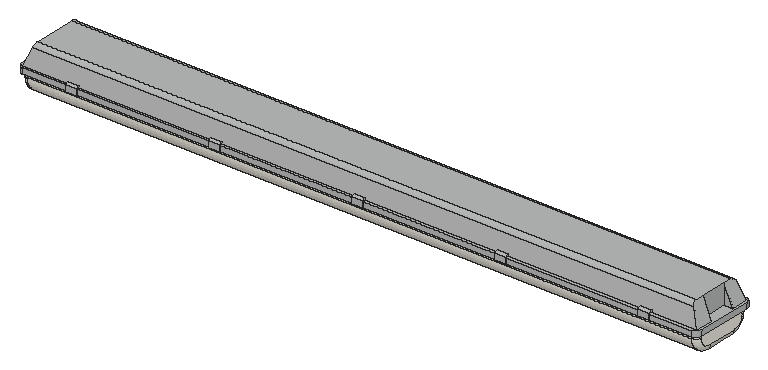
Revit family "SLIM", category Осветительные приборы, Revit 2019 (continued)
Types (5, lengths in mm): name | Файл фотометрической сетки | built-in parameter 1150142 | ADSK_Обозначение | ADSK_Наименование | ADSK_Код изделия
    000 \r\n1407.335 1403.038 1398.141 1397.042 1398.141 1395.743 1387.648 1378.455 1365.763 1349.375 1329.288 1307.903 1290.215 1274.626 1255.739 1233.654 1209.271 1182.389 \r\n1153.409 1120.132 1087.154 1054.976 1018.901 981.327 939.656 895.985 852.515 814.242 779.166 748.587 716.309 682.932 643.559 597.890 551.322 505.253 458.985 412.417 369.347 328.775 \r\n290.401 255.924 225.845 199.763 176.679 157.692 142.302 128.912 117.020 106.127 96.734 88.239 80.745 74.049 68.053 62.557 57.660 52.864 48.567 44.470 37.774 34.276 31.179 28.480 25.782 \r\n23.384 21.185 19.187 17.388 15.689 13.990 11.192 8.394 5.596 2.798 0.000 \r\n1407.335 1402.938 1398.041 1396.542 1397.242 1394.544 1386.149 1376.656 1363.765 1347.176 1327.090 1305.605 1287.517 1271.528 1252.241 1229.857 1205.074 1177.892 \r\n1148.712 1115.235 1082.058 1049.480 1013.205 975.431 933.760 890.090 846.719 808.446 773.170 742.291 709.713 676.036 636.563 591.195 544.726 498.958 452.789 406.521 363.651 323.278 \r\n285.204 250.928 221.048 195.166 172.382 153.795 138.805 125.714 114.122 103.529 94.335 86.041 78.746 72.250 66.354 61.058 56.261 51.665 47.368 43.370 36.575 33.177 30.179 27.581 24.983 \r\n22.684 20.486 18.587 16.888 15.190 13.591 10.893 8.194 5.396 2.698 0.000 \r\n1407.335 1402.938 1397.941 1396.142 1396.442 1393.244 1384.650 1374.857 1361.766 1344.978 1324.791 1303.206 1284.819 1268.430 1248.744 1226.059 1200.976 1173.395 \r\n1144.015 1110.338 1076.861 1044.084 1007.509 969.535 927.764 884.094 840.923 802.550 767.174 735.895 703.018 669.141 629.668 584.399 538.131 492.562 446.594 400.525 357.955 317.782 \r\n279.908 245.831 216.152 190.569 168.085 149.797 135.207 122.516 111.224 100.931 92.037 83.942 76.847 70.452 64.756 59.559 54.862 50.365 46.268 42.271 35.376 32.078 29.180 26.682 24.183 \r\n21.885 19.886 17.988 16.289 14.690 13.191 10.493 7.895 5.296 2.598 0.000 \r\n1407.335 1402.938 1397.841 1395.743 1395.643 1392.045 1383.151 1373.158 1359.767 1342.879 1322.593 1300.808 1282.121 1265.232 1245.246 1222.262 1196.779 1168.998 \r\n1139.219 1105.442 1071.665 1038.588 1001.813 963.739 921.868 878.198 835.027 796.654 761.078 729.500 696.422 662.246 622.773 577.604 531.635 486.167 440.298 394.629 352.258 312.386 \r\n274.612 240.835 211.355 185.873 163.788 145.900 131.710 119.318 108.426 98.333 89.639 81.744 74.849 68.653 63.057 57.960 53.463 49.066 45.069 41.272 34.276 31.079 28.181 25.782 23.384 \r\n21.185 19.187 17.388 15.789 14.190 12.691 10.193 7.595 5.097 2.498 0.000 \r\n1407.335 1402.938 1397.741 1395.243 1394.743 1390.846 1381.652 1371.359 1357.869 1340.681 1320.294 1298.409 1279.522 1262.134 1241.748 1218.464 1192.682 1164.501 \r\n1134.522 1100.445 1066.469 1033.191 996.117 957.843 915.972 872.202 829.231 790.758 755.082 723.204 689.727 655.351 615.878 570.809 525.040 479.871 434.102 388.733 346.562 306.890 \r\n269.415 235.738 206.458 181.276 159.491 141.903 128.112 116.120 105.528 95.734 87.340 79.645 72.850 66.854 61.458 56.461 52.064 47.767 43.870 40.172 33.077 29.979 27.281 24.883 22.585 \r\n20.486 18.587 16.788 15.190 13.691 12.292 9.793 7.395 4.897 2.398 0.000 \r\n1407.335 1402.938 1397.641 1394.843 1393.944 1389.647 1380.054 1369.561 1355.870 1338.482 1318.096 1296.111 1276.824 1258.937 1238.251 1214.667 1188.585 1160.004 \r\n1129.825 1095.549 1061.372 1027.695 990.321 952.047 910.076 866.206 823.435 784.862 749.086 716.808 683.131 648.455 608.982 564.113 518.444 473.475 427.907 382.738 340.866 301.393 \r\n264.119 230.642 201.662 176.679 155.194 137.905 124.615 112.923 102.630 93.136 84.942 77.447 70.951 65.055 59.759 54.962 50.665 46.568 42.771 39.173 31.878 28.880 26.282 23.984 21.785 \r\n19.686 17.888 16.189 14.690 13.191 11.792 9.493 7.095 4.697 2.398 0.000 \r\n1407.335 1402.938 1397.442 1394.444 1393.045 1388.448 1378.555 1367.862 1353.871 1336.383 1315.798 1293.713 1274.126 1255.839 1234.753 1210.870 1184.388 1155.607 \r\n1125.128 1090.652 1056.176 1022.199 984.625 946.151 904.180 860.310 817.639 778.966 743.090 710.413 676.436 641.560 601.987 557.318 511.849 467.080 421.611 376.842 335.170 295.897 \r\n258.822 225.645 196.765 171.982 150.897 134.008 121.117 109.725 99.832 90.538 82.543 75.348 68.953 63.257 58.160 53.463 49.366 45.269 41.571 38.074 30.679 27.781 25.283 23.184 20.986 \r\n18.987 17.188 15.589 14.190 12.791 11.392 9.094 6.795 4.597 2.298 0.000 \r\n1407.335 1402.838 1397.342 1394.044 1392.245 1387.149 1377.056 1366.063 1351.873 1334.185 1313.599 1291.314 1271.428 1252.741 1231.256 1207.072 1180.291 1151.111 \r\n1120.432 1085.655 1050.979 1016.803 978.929 940.255 898.184 854.314 811.743 773.070 736.995 704.117 669.841 634.765 595.092 550.522 505.253 460.684 415.415 370.946 329.474 290.401 \r\n253.626 220.549 191.868 167.385 146.599 130.011 117.519 106.527 96.934 87.940 80.245 73.150 67.054 61.458 56.461 51.964 47.967 43.970 40.372 36.975 29.480 26.782 24.283 22.285 20.186 \r\n18.287 16.589 14.990 13.591 12.292 10.992 8.794 6.595 4.397 2.198 0.000 \r\n1407.335 1402.838 1397.242 1393.544 1391.446 1385.949 1375.557 1364.264 1349.874 1331.986 1311.301 1288.916 1268.730 1249.543 1227.758 1203.275 1176.093 1146.714 \r\n1115.635 1080.759 1045.883 1011.306 973.233 934.459 892.288 848.418 805.947 767.274 730.999 697.721 663.145 627.869 588.197 543.727 498.658 454.388 409.219 365.050 323.778 285.005 \r\n248.330 215.552 187.072 162.788 142.302 126.114 114.022 103.329 94.036 85.341 77.847 71.051 65.055 59.659 54.862 50.465 46.568 42.671 39.273 35.975 28.381 25.682 23.384 21.385 19.387 \r\n17.488 15.889 14.390 13.091 11.792 10.493 8.394 6.296 4.197 2.099 0.000 \r\n1407.335 1402.838 1397.142 1393.145 1390.546 1384.750 1374.058 1362.466 1347.876 1329.888 1309.102 1286.518 1266.132 1246.445 1224.360 1199.477 1171.996 1142.217 \r\n1110.938 1075.862 1040.686 1005.910 967.536 928.563 886.392 842.422 800.151 761.378 725.003 691.326 656.550 620.974 581.301 537.032 492.162 447.993 402.924 359.054 318.082 279.508 \r\n243.033 210.456 182.175 158.092 138.005 122.116 110.424 100.131 91.137 82.743 75.548 68.953 63.057 57.860 53.164 48.966 45.169 41.472 38.074 34.876 27.181 24.583 22.385 20.486 18.587 \r\n16.788 15.190 13.791 12.491 11.292 10.093 8.094 5.996 3.997 1.999 0.000 \r\n1407.335 1402.838 1397.042 1392.745 1389.747 1383.551 1372.559 1360.767 1345.877 1327.689 1306.904 1284.219 1263.433 1243.247 1220.863 1195.680 1167.799 1137.720 \r\n1106.241 1070.866 1035.490 1000.414 961.840 922.667 880.496 836.426 794.255 755.482 718.907 685.030 649.954 614.079 574.306 530.236 485.567 441.597 396.728 353.158 312.386 274.012 \r\n237.837 205.459 177.378 153.495 133.708 118.119 106.927 96.934 88.339 80.145 73.150 66.754 61.158 56.062 51.565 47.368 43.770 40.172 36.875 33.777 25.982 23.584 21.385 19.587 17.788 16.089 \r\n14.590 13.191 11.992 10.793 9.593 7.695 5.796 3.897 1.899 0.000 \r\n1407.335 1402.838 1396.942 1392.245 1388.947 1382.252 1371.060 1358.968 1343.878 1325.491 1304.605 1281.821 1260.735 1240.149 1217.365 1191.883 1163.702 1133.323 \r\n1101.545 1065.969 1030.293 994.918 956.144 916.871 874.600 830.530 788.459 749.586 712.911 678.635 643.259 607.184 567.411 523.441 478.972 435.301 390.532 347.262 306.690 268.516 \r\n232.541 200.363 172.482 148.898 129.411 114.222 103.329 93.836 85.441 77.547 70.751 64.656 59.159 54.263 49.866 45.869 42.371 38.873 35.775 32.778 24.783 22.485 20.386 18.687 16.888 15.389 \r\n13.890 12.591 11.392 10.293 9.194 7.395 5.496 3.697 1.799 0.000 \r\n1407.335 1402.838 1396.842 1391.845 1388.048 1381.053 1369.561 1357.169 1341.880 1323.392 1302.407 1279.423 1258.037 1236.952 1213.867 1188.085 1159.505 1128.826 \r\n1096.848 1061.072 1025.197 989.521 950.348 910.975 868.604 824.535 782.663 743.690 706.915 672.339 636.663 600.288 560.516 516.646 472.376 428.906 384.236 341.366 300.994 263.020 \r\n227.244 195.266 167.685 144.301 125.114 110.224 99.832 90.638 82.543 74.949 68.453 62.457 57.261 52.464 48.267 44.370 40.972 37.574 34.576 31.678 23.584 21.385 19.487 17.788 16.089 14.590 \r\n13.191 11.992 10.893 9.793 8.794 6.995 5.296 3.498 1.799 0.000 \r\n1407.335 1402.838 1396.642 1391.446 1387.249 1379.854 1368.062 1355.470 1339.881 1321.194 1300.108 1277.124 1255.339 1233.854 1210.370 1184.288 1155.408 1124.429 \r\n1092.051 1056.176 1020.000 984.025 944.652 905.079 862.708 818.539 776.867 737.794 700.919 665.943 629.968 593.393 553.620 509.850 465.781 422.510 378.041 335.370 295.198 257.623 \r\n222.048 190.270 162.788 139.604 120.817 106.327 96.234 87.440 79.745 72.350 66.055 60.359 55.262 50.665 46.568 42.871 39.573 36.375 33.377 30.579 22.385 20.386 18.487 16.888 15.290 13.890 \r\n12.591 11.392 10.293 9.294 8.294 6.695 4.997 3.298 1.699 0.000 \r\n1407.335 1402.738 1396.542 1391.046 1386.349 1378.654 1366.563 1353.672 1337.982 1319.095 1297.910 1274.726 1252.741 1230.756 1206.872 1180.390 1151.210 1119.932 \r\n1087.354 1051.179 1014.804 978.529 938.956 899.283 856.812 812.643 770.971 731.898 694.823 659.548 623.372 586.598 546.625 503.155 459.285 416.215 371.845 329.474 289.501 252.127 \r\n216.751 185.173 157.892 135.007 116.520 102.330 92.736 84.242 76.847 69.752 63.756 58.160 53.263 48.866 44.969 41.372 38.174 35.076 32.278 29.580 21.285 19.287 17.488 15.989 14.490 13.191 \r\n11.892 10.793 9.793 8.794 7.895 6.296 4.697 3.198 1.599 0.000 \r\n1407.335 1402.738 1396.442 1390.546 1385.550 1377.455 1365.064 1351.873 1335.984 1316.897 1295.611 1272.327 1250.043 1227.558 1203.375 1176.593 1147.113 1115.435 \r\n1082.657 1046.282 1009.708 973.133 933.260 893.387 850.916 806.647 765.175 726.002 688.828 653.252 616.677 579.702 539.730 496.360 452.690 409.819 365.549 323.578 283.805 246.631 \r\n211.455 180.176 153.095 130.411 112.223 98.432 89.139 81.044 73.949 67.154 61.358 56.062 51.365 47.068 43.270 39.873 36.775 33.777 31.079 28.480 20.086 18.188 16.589 15.090 13.691 12.392 \r\n11.292 10.193 9.194 8.294 7.395 5.996 4.497 2.998 1.499 0.000 \r\n1407.335 1402.738 1396.342 1390.147 1384.750 1376.156 1363.465 1350.074 1333.985 1314.698 1293.413 1269.929 1247.345 1224.460 1199.877 1172.796 1143.016 1111.038 \r\n1077.961 1041.386 1004.511 967.636 927.564 887.591 844.921 800.751 759.379 720.106 682.832 646.856 610.082 572.807 532.835 489.564 446.094 403.423 359.354 317.582 278.109 241.135 \r\n206.259 175.080 148.198 125.714 107.926 94.435 85.641 77.847 71.051 64.556 58.960 53.863 49.366 45.269 41.671 38.374 35.376 32.478 29.880 27.481 18.887 17.088 15.589 14.190 12.891 11.692 \r\n10.593 9.593 8.694 7.795 6.995 5.596 4.197 2.798 1.399 0.000 \r\n1407.335 1402.738 1396.242 1389.747 1383.851 1374.957 1361.966 1348.375 1331.986 1312.600 1291.115 1267.531 1244.646 1221.262 1196.379 1168.998 1138.819 1106.541 \r\n1073.264 1036.489 999.315 962.140 921.868 881.695 839.025 794.755 753.483 714.310 676.736 640.461 603.486 565.912 525.939 482.769 439.499 397.128 353.158 311.686 272.413 235.638 \r\n200.962 170.083 143.402 121.117 103.629 90.438 82.144 74.649 68.253 61.958 56.661 51.764 47.368 43.570 39.973 36.775 33.977 31.179 28.780 26.382 17.688 16.089 14.590 13.391 12.092 10.992 \r\n9.893 8.994 8.194 7.395 6.595 5.296 3.897 2.598 1.299 0.000 \r\n1407.335 1402.738 1396.142 1389.247 1383.051 1373.758 1360.467 1346.576 1329.988 1310.401 1288.916 1265.232 1241.948 1218.165 1192.882 1165.201 1134.722 1102.044 \r\n1068.467 1031.493 994.118 956.744 916.172 875.799 833.129 788.759 747.687 708.414 670.740 634.165 596.791 559.017 519.044 476.073 432.903 390.732 346.862 305.790 266.717 230.242 \r\n195.666 164.987 138.505 116.520 99.332 86.541 78.546 71.451 65.355 59.359 54.263 49.566 45.469 41.771 38.374 35.276 32.578 29.979 27.581 25.283 16.489 14.990 13.591 12.491 11.292 10.193 \r\n9.294 8.394 7.595 6.895 6.096 4.897 3.697 2.398 1.199 0.000 \r\n1407.335 1402.738 1396.043 1388.847 1382.152 1372.559 1358.968 1344.778 1327.989 1308.203 1286.618 1262.834 1239.350 1214.967 1189.384 1161.403 1130.525 1097.647 \r\n1063.770 1026.596 989.022 951.248 910.376 870.003 827.233 782.863 741.891 702.518 664.744 627.769 590.195 552.221 512.049 469.278 426.408 384.336 340.666 299.894 261.021 224.746 \r\n190.469 159.890 133.708 111.823 95.035 82.543 75.049 68.253 62.457 56.761 51.964 47.467 43.470 39.973 36.775 33.777 31.179 28.680 26.382 24.283 15.389 13.890 12.691 11.592 10.493 9.493 \r\n8.594 7.795 7.095 6.396 5.696 4.597 3.398 2.298 1.099 0.000 \r\n1407.335 1402.638 1395.843 1388.448 1381.353 1371.260 1357.469 1343.079 1325.991 1306.104 1284.419 1260.436 1236.652 1211.869 1185.887 1157.606 1126.427 1093.150 \r\n1059.074 1021.699 983.825 945.851 904.680 864.107 821.337 776.867 736.095 696.622 658.748 621.374 583.500 545.326 505.154 462.483 419.812 378.041 334.471 293.898 255.325 219.250 \r\n185.173 154.894 128.812 107.226 90.738 78.646 71.451 65.155 59.659 54.163 49.566 45.369 41.571 38.174 35.076 32.278 29.780 27.381 25.183 23.184 14.190 12.791 11.692 10.693 9.693 8.794 7.995 \r\n7.195 6.496 5.896 5.296 4.197 3.198 2.099 0.999 0.000 \r\n1407.335 1402.638 1395.743 1388.048 1380.553 1370.060 1355.970 1341.280 1323.992 1303.906 1282.121 1258.037 1233.954 1208.771 1182.389 1153.809 1122.230 1088.753 \r\n1054.377 1016.703 978.629 940.355 898.983 858.211 815.341 770.871 730.199 690.726 652.652 615.078 576.904 538.431 498.258 455.687 413.217 371.645 328.175 288.002 249.629 213.753 \r\n179.877 149.797 124.015 102.630 86.441 74.649 67.953 61.958 56.761 51.565 47.168 43.170 39.573 36.375 33.377 30.779 28.381 26.082 24.083 22.185 12.991 11.792 10.693 9.793 8.894 7.995 7.295 \r\n6.595 5.996 5.396 4.797 3.897 2.898 1.899 0.999 0.000 \r\n1407.335 1402.638 1395.643 1387.548 1379.654 1368.861 1354.471 1339.481 1322.093 1301.707 1279.922 1255.739 1231.256 1205.573 1178.991 1150.011 1118.133 1084.256 \r\n1049.680 1011.806 973.532 934.859 893.287 852.415 809.445 764.975 724.403 684.830 646.656 608.683 570.209 531.535 491.363 448.892 406.621 365.249 321.979 282.107 243.933 208.257 \r\n174.580 144.801 119.118 97.933 82.144 70.751 64.356 58.760 53.863 48.966 44.869 41.072 37.574 34.576 31.778 29.280 26.981 24.883 22.884 21.086 11.792 10.693 9.693 8.894 8.094 7.295 6.595 \r\n5.996 5.396 4.897 4.397 3.498 2.598 1.799 0.899 0.000 \r\n1407.335 1402.638 1395.543 1387.149 1378.854 1367.662 1352.972 1337.683 1320.095 1299.609 1277.624 1253.340 1228.657 1202.475 1175.494 1146.214 1113.936 1079.759 \r\n1044.883 1006.909 968.336 929.463 887.591 846.519 803.549 758.979 718.607 678.934 640.661 602.387 563.613 524.640 484.468 442.197 400.026 358.954 315.783 276.211 238.237 202.861 \r\n169.384 139.704 114.322 93.336 77.847 66.754 60.858 55.562 50.965 46.368 42.471 38.873 35.676 32.778 30.179 27.781 25.582 23.584 21.785 19.986 10.593 9.593 8.794 7.995 7.295 6.595 5.996 5.396 \r\n4.897 4.397 3.897 3.198 2.398 1.599 0.799 0.000 \r\n1407.335 1402.638 1395.443 1386.749 1378.055 1366.463 1351.473 1335.984 1318.096 1297.410 1275.425 1250.942 1225.959 1199.277 1171.996 1142.416 1109.839 1075.362 \r\n1040.187 1002.013 963.139 923.966 881.795 840.623 797.653 753.084 712.711 673.138 634.565 595.991 557.018 517.745 477.473 435.401 393.530 352.558 309.488 270.215 232.441 197.365 \r\n164.087 134.708 109.425 88.739 73.550 62.757 57.361 52.364 48.167 43.770 40.172 36.775 33.677 30.979 28.480 26.182 24.183 22.285 20.586 18.987 9.394 8.594 7.795 7.095 6.396 5.796 5.296 4.797 \r\n4.397 3.897 3.498 2.798 2.099 1.399 0.700 0.000 \r\n1407.335 1402.638 1395.343 1386.249 1377.155 1365.164 1349.974 1334.185 1316.097 1295.212 1273.127 1248.544 1223.261 1196.180 1168.499 1138.619 1105.642 1070.866 \r\n1035.490 997.016 957.943 918.470 876.099 834.827 791.657 747.088 706.915 667.242 628.569 589.596 550.323 510.850 470.577 428.606 386.935 346.163 303.292 264.319 226.744 191.868 \r\n158.791 129.611 104.528 84.142 69.253 58.860 53.763 49.166 45.269 41.172 37.774 34.576 31.778 29.180 26.882 24.683 22.784 20.986 19.387 17.888 8.294 7.495 6.795 6.196 5.596 5.097 4.597 4.197 \r\n3.797 3.398 3.098 2.398 1.799 1.199 0.600 0.000 \r\n1407.335 1402.638 1395.243 1385.850 1376.356 1363.965 1348.475 1332.386 1314.099 1293.113 1270.928 1246.245 1220.563 1193.082 1165.001 1134.822 1101.545 1066.469 \r\n1030.793 992.120 952.846 913.074 870.403 828.931 785.761 741.092 701.119 661.346 622.573 583.300 543.727 504.054 463.682 421.811 380.339 339.767 297.096 258.423 221.048 186.372 \r\n153.595 124.515 99.732 79.446 64.955 54.862 50.266 45.968 42.371 38.57
